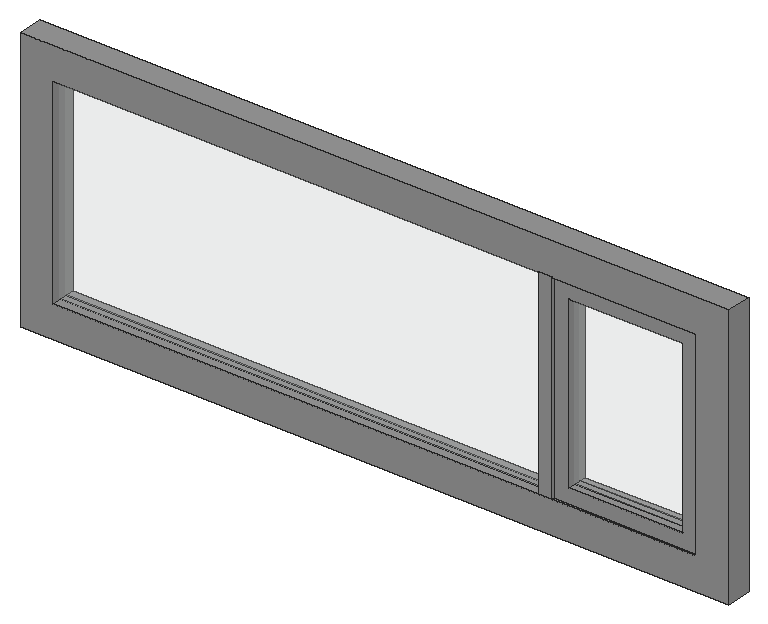
Revit family "Family21", category Windows, host Wall, Revit 2018
Family settings
  Host = Wall
  OmniClass Number = 23.30.20.00
  OmniClass Title = Windows
  Always vertical = Yes
  Cut with Voids When Loaded = No
  Shared = No
  Room Calculation Point = No
Parameters
  Window Frame = White
  Visual Light Transmittance = 0.81
  URL = "www.skywardwindows.co.za"
  Thermal Resistance (R) = 0.3196 (m²·K)/W
  Telephone = "021 276 1800"
  Solar Heat Gain Coefficient = 0.76
  Manufacturer = "Skyward Windows"
  Height = 890 mm
  Heat Transfer Coefficient (U) = 3.1292 W/(m²·K)
  Glass Thickness = 4 mm
  Glass = Glass
  Frame Width = 46.195 mm
  Email Address = "info@skywardwindows.co.za"
  Default Sill Height = 800 mm
  Wall Closure = By host
  Width = 2390 mm
  Company Address = "Charles Matthews Street Atlantis 7349"
  Analytic Construction = "Double glazing - domestic"
Reference planes
  plane 1 "Center (Front/Back)": y = 0
  plane 2 "Center (Left/Right)": x = 0
  plane 3 "Left": x = -1195
  plane 4 "Right": x = 1195
  plane 5 "Sill": z = 800
  plane 6 "Head": z = 1690
  plane 7 "Exterior": y = 100
  plane 8 "Interior": y = -100
Forms (mm)
  Extrusion 1, solid, material "White" <- "Window Frame"
    sketch origin (0, -100, 0) x (1, 0, 0) y (0, 0, 1)
      loop
        line (-1195, 1690) -> (-1195, 800) -> (1195, 800) -> (1195, 1690) -> (-1195, 1690)
      loop
        line (-1086, 909) -> (1086, 909) -> (1086, 1581) -> (-1086, 1581) -> (-1086, 909)
    from -142 to -58
  Extrusion 2, solid, material "White" <- "Window Frame"
    sketch origin (0, -100, 0) x (1, 0, 0) y (0, 0, 1)
      loop
        line (600, 1581) -> (600, 909) -> (1086, 909) -> (1086, 1581) -> (600, 1581)
      loop
        line (650, 1531) -> (650, 959) -> (1036, 959) -> (1036, 1531) -> (650, 1531)
    from -134.904 to -64.489
  Extrusion 3, solid, material "White" <- "Window Frame"
    sketch origin (300, -100, 0) x (1, 0, 0) y (0, 0, 1)
      loop
        line (300, 1581) -> (253.805, 1581) -> (253.805, 909) -> (300, 909) -> (300, 1581)
    from -142 to -58
  Extrusion 4, solid, material "Glass" <- "Glass"
    sketch origin (0, 0, 0) x (1, 0, 0) y (0, 1, 0)
      loop
        line (-1086, 14) -> (-1086, 10) -> (553.805, 10) -> (553.805, 14) -> (-1086, 14)
      loop
        line (553.805, -14) -> (553.805, -10) -> (-1086, -10) -> (-1086, -14) -> (553.805, -14)
    from 909 to 1581
  Extrusion 5, solid, material "Glass" <- "Glass"
    sketch origin (0, 0, 0) x (1, 0, 0) y (0, 1, 0)
      loop
        line (650, 14) -> (650, 10) -> (1036, 10) -> (1036, 14) -> (650, 14)
      loop
        line (1036, -14) -> (1036, -10) -> (650, -10) -> (650, -14) -> (1036, -14)
    from 959 to 1531
Lines and regions (mm)
  Opening 1
    outline origin (3500, -100, 0) x (1, 0, 0) y (0, 0, 1)
      loop
        line (-2305, 800) -> (-2305, 1690) -> (-4695, 1690) -> (-4695, 800) -> (-2305, 800)
Text (mm)
  text "EXTERIOR" at (-1963.203, 1332.353, 0), in view "Ref. Level"
  text "INTERIOR" at (-1981.466, -818.386, 0), in view "Ref. Level"
  text "Exterior" at (0, 923.751, 2943.296), in view "Right"
  text "Exterior" at (0, 1040.484, 2685.409), in view "Left"
Dimensions and locks
  equal spacing: plane 3 "Left", plane 2 "Center (Left/Right)", plane 4 "Right"
  "Width": plane 3 "Left" to plane 4 "Right"
  "Height": plane 5 "Sill" to plane 6 "Head"
  "Default Sill Height": plane 5 "Sill" to level
  locked: plane 7 "Exterior" to host wall at 0
  locked: plane 8 "Interior" to host wall
  "Glass Thickness": Extrusion 4 to Extrusion 4
  "Glass Thickness": Extrusion 5 to Extrusion 5
  aligned and locked: Extrusion 1 sketch curve to host wall  (x4)
Automatic sketch dimensions
  Opening 1 sketch curve to plane 3 "Left" = 0 mm
  Opening 1 sketch curve to plane 4 "Right" = 0 mm
  Opening 1 sketch curve to plane 5 "Sill" = 0 mm
  Opening 1 sketch curve to plane 6 "Head" = 0 mm
  Extrusion 1 sketch curve to plane 3 "Left" = 109 mm
  plane 4 "Right" to Extrusion 1 sketch curve = 109 mm
  Extrusion 1 sketch curve to plane 5 "Sill" = 109 mm
  plane 6 "Head" to Extrusion 1 sketch curve = 109 mm
  Extrusion 2 sketch curve to plane 5 "Sill" = 109 mm
  Extrusion 2 sketch curve to plane 2 "Center (Left/Right)" = 600 mm
  Extrusion 2 sketch curve to Extrusion 2 sketch curve = 50 mm  (x4)
  plane 4 "Right" to Extrusion 2 sketch curve = 159 mm
  plane 6 "Head" to Extrusion 2 sketch curve = 159 mm
  Extrusion 3 sketch curve to Extrusion 3 sketch curve = 46.195 mm
  Extrusion 3 sketch curve to plane 5 "Sill" = 109 mm
  plane 6 "Head" to Extrusion 3 sketch curve = 109 mm
  Extrusion 3 sketch curve to plane 2 "Center (Left/Right)" = 553.805 mm
  Extrusion 4 sketch curve to host wall = 14 mm
  Extrusion 4 sketch curve to plane 3 "Left" = 109 mm
  Extrusion 4 sketch curve to Extrusion 4 sketch curve = 0 mm  (x2)
  Extrusion 4 sketch curve to plane 2 "Center (Left/Right)" = 553.805 mm
  host wall to Extrusion 4 sketch curve = 10 mm
  Extrusion 4 sketch curve to Extrusion 4 sketch curve = 4 mm  (x2)
  Extrusion 5 sketch curve to host wall = 14 mm
  Extrusion 5 sketch curve to plane 2 "Center (Left/Right)" = 650 mm
  Extrusion 5 sketch curve to Extrusion 5 sketch curve = 0 mm  (x2)
  plane 4 "Right" to Extrusion 5 sketch curve = 159 mm
  host wall to Extrusion 5 sketch curve = 10 mm
  Extrusion 5 sketch curve to Extrusion 5 sketch curve = 4 mm  (x2)
